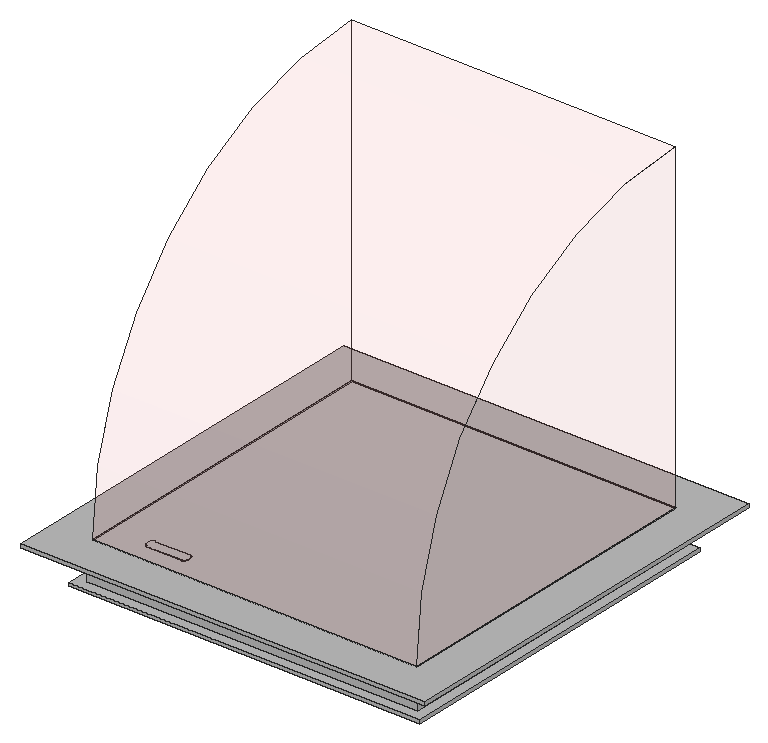
Revit family "Door_Access_Floor_Acudor_FA-300", category Generic Models, host Face, Revit 2020
Family settings
  Host = Face
  Can host rebar = No
  Round Connector Dimension = Use Diameter
  Part Type = Normal
  Cut with Voids When Loaded = No
  Shared = No
  Room Calculation Point = No
Parameters
  halfswing = (Door Width / 2)  # 1' - 0"
  Warranty Duration (Years) = 0
  Unit Width = 2' - 0"
  Unit Weight = 0
  Unit Height = 2' - 0"
  Unit Depth = 0' - 3"
  URL = "http://www.acudor.com/"
  Test Data = ""
  Swing Clearance Visible [instance] = yes
  Standards Conformance = "as Specified"
  Specification = ""
  SpecWizard = ""
  SingleSwing [instance] = and(Single Leaf, Swing Clearance Visible)  # yes
  Single Leaf = Unit Width < 4' 0"  # yes
  Send Message = ""
  Sales Information = "http://www.acudor.com/contactus"
  Revision = "R1_2017-03"
  Product Properties = ""
  Product Data = "http://www.arcat.com/arcatcos/cos30/arc30126.html"
  Overall Width = 2' - 6"
  Overall Height = 2' - 6"
  Opening Width = Unit Width  # 2' - 0"
  Opening Height = Unit Height  # 2' - 0"
  Opening Depth [instance] = 1' - 0"
  Model = "As Specified"
  Manufacturer Website = "http://www.acudor.com/"
  Manufacturer Phone - Toll Free = "800-722-0501"
  Manufacturer Phone = "973-575-5120"
  Manufacturer Fax = "973-575-5160"
  Manufacturer Address = "80 Little Falls Rd.  Fairfield, NJ 07004"
  Manufacturer = "Acudor Products Inc"
  Maintenance Schedule (Months) = 0
  Keynote = ""
  Installation-Fabrication = ""
  Installation Phase = ""
  Green Building-LEED = "http://www.arcat.com/green/clients/leed_data_30126.html"
  Frame Finish [instance] = Metal - Acudor - Aluminum
  Fixture Finish [instance] = Metal - Acudor - Aluminum Diamond Plated
  Expected Lifespan (Years) = 0
  Drawn By = "Sumex Design, Inc. / Robert S. Weygant, CSI, CDT, SCIP"
  DoubleSwing [instance] = and(Double Leaf, Swing Clearance Visible)  # no
  Double Leaf = not(Single Leaf)  # no
  Door Width = Unit Width  # 2' - 0"
  Door Height = Unit Height  # 2' - 0"
  Description = "Acudor Product as Specified"
  Default Elevation = 0' - 0"  # constant formula
  Copyright = "©Arcat Inc."
  Construction Details = ""
  Clearance Material [instance] = ARCAT Clearance
  Clear Opening Width = 1' - 8"
  Clear Opening Height = 2' - 0"
  Capacity = "as Specified"
  Available Options [instance] = "as Specified"
  Assembly Code = ""
Reference planes (in)
  plane 1 "Center (Front/Back)": y = 1.28343
  plane 2: z = 0
  plane 3 "Center (Left/Right)": x = 0
  plane 4: y = 13.28343
  plane 5: y = -10.71657
  plane 6: x = -12
  plane 7: x = 12
  plane 8: z = 0
  plane 9: y = 16.28343
  plane 10: y = -13.71657
  plane 11: x = -15
  plane 12: x = 15
  plane 13: z = -3
  plane 14: x = -12
  plane 15: x = 12
  plane 16: y = 13.28343
  plane 17: y = -10.71657
  plane 18: z = -12
Forms (in)
  Extrusion 1, void
    sketch origin (0, 0, 0) x (1, 0, 0) y (0, 1, 0)
      loop
        line (-12, 13.28343) -> (-12, -10.71657) -> (12, -10.71657) -> (12, 13.28343) -> (-12, 13.28343)
    from -12 to 0
  Sweep 2, solid, material "Metal - Acudor - Aluminum" <- "Frame Finish"
    path origin (0, 0, 0) x (1, 0, 0) y (0, 1, 0)
      loop
        line (-15, 16.28343) -> (-15, -13.71657) -> (15, -13.71657) -> (15, 16.28343) -> (-15, 16.28343)
    profile origin (0, 16.28343, 0) x (0, 1, 0) y (0, 0, 1)
      loop
        line (-3, 0) -> (-3, -3) -> (-2, -3) -> (-2, -2.75) -> (-2.75, -2.75) -> (-2.75, -0.25) -> (0, -0.25) -> (0, 0) -> (-3, 0)
  Extrusion 3, solid, material "Metal - Acudor - Aluminum Diamond Plated" <- "Fixture Finish", visible <- "Single Leaf"
    sketch origin (0, 0, 0) x (1, 0, 0) y (0, 1, 0)
      loop
        line (-12, 13.28343) -> (-12, -10.71657) -> (12, -10.71657) -> (12, 13.28343) -> (-12, 13.28343)
    from 0 to -0.25
  Extrusion 4, solid, material "Metal - Acudor - Aluminum" <- "Frame Finish", visible <- "Single Leaf"
    sketch origin (0, 0, 0) x (1, 0, 0) y (0, 1, 0)
      loop
        line (-11.25, 12.53343) -> (-11.25, -9.96489) -> (11.24832, -9.96489) -> (11.24832, 12.53343) -> (-11.25, 12.53343)
    from -2.45734 to -0.25
  Extrusion 5, solid, material "Metal - Acudor - Aluminum Diamond Plated" <- "Fixture Finish", visible <- "Double Leaf"
    sketch origin (0, 0, 0) x (1, 0, 0) y (0, 1, 0)
      loop
        line (-12, 13.28343) -> (-12, -10.71657) -> (0, -10.71657) -> (0, 13.28343) -> (-12, 13.28343)
    from 0 to -0.25
  Extrusion 6, solid, material "Metal - Acudor - Aluminum Diamond Plated" <- "Fixture Finish", visible <- "Double Leaf"
    sketch origin (0, 0, 0) x (-1, 0, 0) y (0, -1, 0)
      loop
        line (-12, -13.28343) -> (0, -13.28343) -> (0, 10.71657) -> (-12, 10.71657) -> (-12, -13.28343)
    from 0 to -0.25
  Extrusion 7, solid, material "Metal - Acudor - Aluminum" <- "Frame Finish", visible <- "Double Leaf"
    sketch origin (0, 0, 0) x (1, 0, 0) y (0, 1, 0)
      loop
        line (-11.25, 12.53343) -> (-11.25, -9.96489) -> (0, -9.96489) -> (0, 12.53343) -> (-11.25, 12.53343)
    from -2.45734 to -0.25
  Extrusion 8, solid, material "Metal - Acudor - Aluminum" <- "Frame Finish", visible <- "Double Leaf"
    sketch origin (0, 0, 0) x (-1, 0, 0) y (0, -1, 0)
      loop
        line (-11.25, -12.53343) -> (0, -12.53343) -> (0, 9.96489) -> (-11.25, 9.96489) -> (-11.25, -12.53343)
    from -2.45734 to -0.25
  Extrusion 9, solid, material "ARCAT Clearance" <- "Clearance Material", visible <- "DoubleSwing"
    sketch origin (0, 1.28343, 0) x (1, 0, 0) y (0, 0, 1)
      loop
        arc (-0.00289, 0) -> (-3.60833, 8.31456) -> (-12, 11.73669) r 12
        line (-12, 11.73669) -> (-12, 0) -> (-0.00289, 0)
    from -12 to 12
  Extrusion 10, solid, material "ARCAT Clearance" <- "Clearance Material", visible <- "DoubleSwing"
    sketch origin (0, 1.28343, 0) x (-1, 0, 0) y (0, 0, -1)
      loop
        line (-0.00289, 0) -> (-12, 0) -> (-12, -11.73669)
        arc (-12, -11.73669) -> (-3.60833, -8.31456) -> (-0.00289, 0) r 12
    from -12 to 12
  Sweep 11, void
    path origin (0, 0, 0) x (1, 0, 0) y (0, 1, 0)
      loop
        line (-15, 16.28343) -> (-15, -13.71657) -> (15, -13.71657) -> (15, 16.28343) -> (-15, 16.28343)
    profile origin (0, 16.28343, 0) x (0, 1, 0) y (0, 0, 1)
      loop
        line (-3, 0) -> (-3, -3) -> (-2, -3) -> (-2, -2.75) -> (-2.75, -2.75) -> (-2.75, -0.25) -> (0, -0.25) -> (0, 0) -> (-3, 0)
  Extrusion 12, solid, material "ARCAT Clearance" <- "Clearance Material", visible <- "SingleSwing"
    sketch origin (0, 0, 0) x (0, 1, 0) y (0, 0, 1)
      loop
        arc (13.28343, 24) -> (-3.68713, 16.97056) -> (-10.71657, 0) r 24
        line (-10.71657, 0) -> (13.28343, 0) -> (13.28343, 24)
    from -12 to 12
  Extrusion 13, solid, material "Metal - Acudor - Aluminum" <- "Frame Finish", visible <- "Single Leaf"
    sketch origin (0, 0, 0) x (1, 0, 0) y (0, 1, 0)
      loop
        arc (-9.05949, -8.62985) -> (-9.23627, -8.70307) -> (-9.30949, -8.87985) r 0.25
        line (-9.30949, -8.87985) -> (-9.30949, -9.14484)
        arc (-9.30949, -9.14484) -> (-9.23627, -9.32161) -> (-9.05949, -9.39484) r 0.25
        line (-9.05949, -9.39484) -> (-6.49699, -9.39484)
        arc (-6.49699, -9.39484) -> (-6.32021, -9.32161) -> (-6.24699, -9.14484) r 0.25
        line (-6.24699, -9.14484) -> (-6.24699, -8.87985)
        arc (-6.24699, -8.87985) -> (-6.32021, -8.70307) -> (-6.49699, -8.62985) r 0.25
        line (-6.49699, -8.62985) -> (-9.05949, -8.62985)
    from 0 to -0.25
  Extrusion 14, solid, material "Metal - Acudor - Aluminum" <- "Frame Finish", visible <- "Double Leaf"
    sketch origin (6.95341, 2.57087, 0) x (0, -1, 0) y (1, 0, 0)
      loop
        arc (-9.05949, -8.62985) -> (-9.23627, -8.70307) -> (-9.30949, -8.87985) r 0.25
        line (-9.30949, -8.87985) -> (-9.30949, -9.14484)
        arc (-9.30949, -9.14484) -> (-9.23627, -9.32161) -> (-9.05949, -9.39484) r 0.25
        line (-9.05949, -9.39484) -> (-6.49699, -9.39484)
        arc (-6.49699, -9.39484) -> (-6.32021, -9.32161) -> (-6.24699, -9.14484) r 0.25
        line (-6.24699, -9.14484) -> (-6.24699, -8.87985)
        arc (-6.24699, -8.87985) -> (-6.32021, -8.70307) -> (-6.49699, -8.62985) r 0.25
        line (-6.49699, -8.62985) -> (-9.05949, -8.62985)
    from 0 to -0.25
Lines and regions (in)
  model lines, style "GenericModelHiddenLines", visible <- "Single Leaf"
    curve 1: line (-12, -10.71657, 0) -> (0, 13.28728, 0)
    curve 2: line (0, 13.28728, 0) -> (12, -10.71657, 0)
  model lines, style "GenericModelHiddenLines", visible <- "Double Leaf"
    curve 3: line (0, 13.28343, 0) -> (-12, 1.28343, 0)
    curve 4: line (-12, 1.28343, 0) -> (0, -10.71657, 0)
    curve 5: line (0, -10.71657, 0) -> (12, 1.28343, 0)
    curve 6: line (12, 1.28343, 0) -> (0, 13.28343, 0)
Dimensions and locks (in)
  locked: plane 8 to level
  equal spacing: plane 4, plane 1 "Center (Front/Back)", plane 5
  "Unit Height": plane 4 to plane 5
  equal spacing: plane 6, plane 3 "Center (Left/Right)", plane 7
  "Unit Width": plane 6 to plane 7
  equal spacing: plane 11, plane 3 "Center (Left/Right)", plane 12
  equal spacing: plane 9, plane 1 "Center (Front/Back)", plane 10
  "Overall Width": plane 11 to plane 12
  "Overall Height": plane 9 to plane 10
  "Unit Depth": plane 8 to plane 13
  equal spacing: plane 16, plane 1 "Center (Front/Back)", plane 17
  equal spacing: plane 14, plane 3 "Center (Left/Right)", plane 15
  "Opening Width": plane 14 to plane 15
  "Opening Height": plane 16 to plane 17
  "Opening Depth": level to plane 18
  locked: Extrusion 4 sketch curve to plane 15 at 0.75168
  locked: plane 14 to Extrusion 4 sketch curve at 0.75
  locked: plane 16 to Extrusion 4 sketch curve at 0.75
  locked: Extrusion 4 sketch curve to plane 17 at 0.75168
  locked: plane 16 to Extrusion 7 sketch curve at 0.75
  locked: Extrusion 7 sketch curve to plane 17 at 0.75168
  locked: plane 14 to Extrusion 7 sketch curve at 0.75
  locked: plane 16 to Extrusion 8 sketch curve at 0.75
  locked: Extrusion 8 sketch curve to plane 17 at 0.75168
  locked: Extrusion 8 sketch curve to plane 15 at 0.75
  locked: plane 16 to Sweep 11 sketch curve at 1
  locked: plane 16 to Sweep 11 sketch curve at 0.25
  plane 16 to Sweep 2 sketch curve to Sweep 2 sketch curve = 0' - 0 1/4" locked, 0' - 0 3/4" locked
  plane 16 to Extrusion 14 sketch curve to Extrusion 14 sketch curve = 0' - 1.40307" locked, 0' - 3 1/16" locked
  Extrusion 14 sketch curve to Extrusion 14 sketch curve to plane 3 "Center (Left/Right)" = 0' - 0.76499" locked, 0' - 1.67643" locked
  Extrusion 13 sketch curve to Extrusion 13 sketch curve to plane 17 = 0' - 0.76499" locked, 0' - 1.32173" locked
  plane 14 to Extrusion 13 sketch curve to Extrusion 13 sketch curve = 0' - 2.69051" locked, 0' - 3 1/16" locked
  "halfswing": radius of Extrusion 9 sketch curve
  "halfswing": radius of Extrusion 10 sketch curve
  "Door Height": radius of Extrusion 12 sketch curve
  aligned and locked: host face to plane 2
  aligned and locked: host face to level
  aligned and locked: Extrusion 1 sketch curve to plane 16
  aligned and locked: plane 14 to Extrusion 1 sketch curve
  aligned and locked: plane 17 to Extrusion 1 sketch curve
  aligned and locked: Extrusion 1 sketch curve to plane 15
  aligned and locked: Extrusion 1 to plane 18
  aligned and locked: plane 8 to Extrusion 1
  aligned and locked: Sweep 2 sketch curve to plane 9
  aligned and locked: plane 11 to Sweep 2 sketch curve
  aligned and locked: plane 10 to Sweep 2 sketch curve
  aligned and locked: Sweep 2 sketch curve to plane 12
  aligned and locked: Extrusion 6 sketch curve to plane 3 "Center (Left/Right)"
  aligned and locked: Extrusion 5 sketch curve to plane 3 "Center (Left/Right)"
  aligned and locked: plane 3 "Center (Left/Right)" to curve 3
  aligned and locked: plane 3 "Center (Left/Right)" to curve 5
  aligned and locked: plane 1 "Center (Front/Back)" to curve 4
  aligned and locked: plane 1 "Center (Front/Back)" to curve 6
  aligned and locked: Extrusion 7 sketch curve to plane 3 "Center (Left/Right)"
  aligned and locked: Extrusion 8 sketch curve to plane 3 "Center (Left/Right)"
  aligned and locked: plane 10 to Sweep 11 sketch curve
  aligned and locked: Sweep 11 sketch curve to plane 12
  aligned and locked: plane 16 to Extrusion 6 sketch curve
  aligned and locked: plane 15 to Extrusion 6 sketch curve
  aligned and locked: Extrusion 6 sketch curve to plane 17
  aligned and locked: Extrusion 5 sketch curve to plane 16
  aligned and locked: plane 17 to Extrusion 5 sketch curve
  aligned and locked: plane 14 to Extrusion 5 sketch curve
  aligned and locked: plane 14 to Extrusion 3 sketch curve
  aligned and locked: Extrusion 3 sketch curve to plane 16
  aligned and locked: Extrusion 3 sketch curve to plane 15
  aligned and locked: plane 17 to Extrusion 3 sketch curve
  aligned and locked: plane 4 to Extrusion 10
  aligned and locked: Extrusion 10 to plane 5
  aligned and locked: Extrusion 9 to plane 5
  aligned and locked: plane 4 to Extrusion 9
  aligned and locked: plane 14 to Extrusion 9 sketch curve
  aligned and locked: plane 15 to Extrusion 10 sketch curve
  aligned and locked: plane 16 to Extrusion 12 sketch curve
  aligned and locked: plane 7 to Extrusion 12
  aligned and locked: Extrusion 12 to plane 6
  aligned and locked: plane 9 to Sweep 11 sketch curve
  aligned and locked: plane 9 to Sweep 2 sketch curve
  aligned and locked: plane 3 "Center (Left/Right)" to curve 1
  aligned and locked: plane 16 to curve 3
  aligned and locked: plane 17 to curve 4
Automatic sketch dimensions
  host sketch curve to host sketch curve = 12' - 11.75605"
  host sketch curve to host sketch curve = 12' - 7.74281"
  Sweep 2 sketch curve to level = 0' - 0"
  Sweep 2 sketch curve to Sweep 2 sketch curve = 0' - 0 1/4"  (x3)
  Sweep 2 sketch curve to Sweep 2 sketch curve = 0' - 2 1/2"
  curve 1 to Extrusion 3 = 0' - 0"  (x2)
  Extrusion 3 to curve 2 = 0' - 0"
  curve 2 to Extrusion 3 = 0' - 0"
  Extrusion 3 to curve 2 = 0' - 0.00385"
  Extrusion 9 sketch curve to level = 0' - 0"
  Extrusion 9 sketch curve to plane 3 "Center (Left/Right)" = 0' - 0.00289"
  Extrusion 10 sketch curve to level = 0' - 0"
  Extrusion 10 sketch curve to plane 3 "Center (Left/Right)" = 0' - 0.00289"
  Sweep 11 sketch curve to plane 11 = 0' - 0"
  Sweep 11 sketch curve to plane 9 = 0' - 0"
  Sweep 11 sketch curve to level = 0' - 0"
  Sweep 11 sketch curve to Sweep 11 sketch curve = 0' - 0 1/4"  (x3)
  Sweep 11 sketch curve to Sweep 11 sketch curve = 0' - 2 1/2"
  Extrusion 12 sketch curve to level = 0' - 0"
  Extrusion 12 sketch curve to plane 5 = 0' - 0"
  Extrusion 13 sketch curve to Extrusion 13 sketch curve = 0' - 0 1/4"  (x3)
  Extrusion 13 sketch curve to Extrusion 13 sketch curve = 0' - 0"
  Extrusion 14 sketch curve to Extrusion 14 sketch curve = 0' - 0 1/4"  (x3)
  Extrusion 14 sketch curve to Extrusion 14 sketch curve = 0' - 0"
